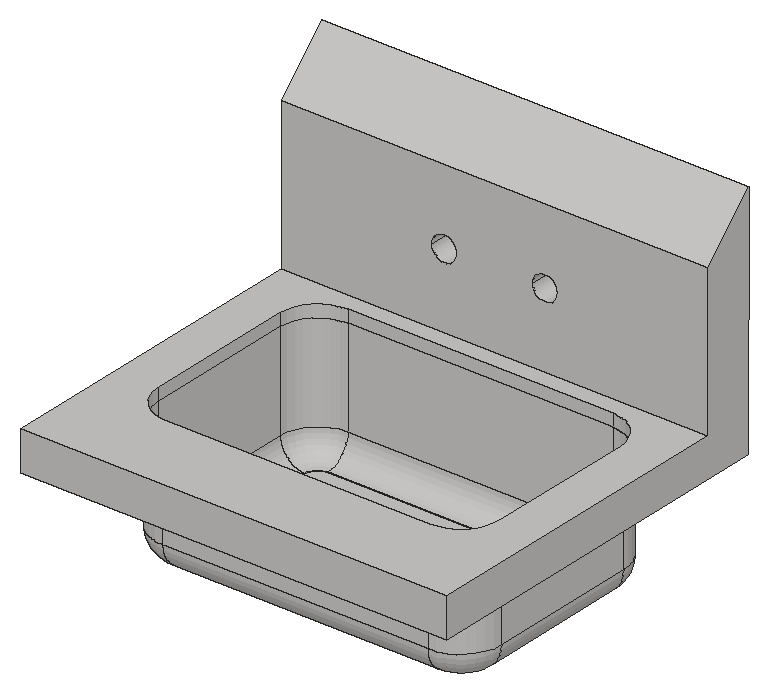
Revit family "QF_Vollrath_141-0", category Specialty Equipment, Revit 2016
Family settings
  Part Type = Normal
  Round Connector Dimension = Use Diameter
  OmniClass Number = 23.40.40.14.31
  OmniClass Title = Cleaning and Disposal Equipment
  Work Plane-Based = Yes
  Always vertical = Yes
  Cut with Voids When Loaded = No
  Shared = No
  Room Calculation Point = No
Parameters
  Width = 1' - 5"
  Weight in Pounds = 0
  Watermarked By = "http://revitwatermark.com"
  URL Cutsheet = ""
  Status [instance] = ""
  Specification by User [instance] = ""
  Specification by Manufacturer [instance] = ""
  Sink Width = 1' - 1 9/16"
  Sink Depth = 0' - 9 1/16"
  Sink Basin Depth = 0' - 5 1/2"
  Serial Number [instance] = ""
  Seismic Rating [instance] = ""
  SMACNA No [instance] = ""
  Revision Code [instance] = ""
  Plumbing Remarks [instance] = ""
  Plumbing Connection Type [instance] = ""
  NAFEM Spec ID Number [instance] = ""
  Model = "141-0"
  Masterspec [instance] = ""
  Manufacturer = "Vollrath"
  Item Number [instance] = "-"
  Installed By [instance] = ""
  Furnished By [instance] = ""
  Foodservice Equipment Identifier [instance] = yes
  Direct Waste Size = 2"
  Direct Waste RI Height [instance] = 0' - 0"
  Direct Waste Flow [instance] = 0.00 GPM
  Direct Waste Connection Height [instance] = 0' - 0"
  Description = "Wall-Mount Hand Sink"  # constant formula
  Depth = 1' - 3"
  Default Elevation = 4' - 0"
  CSI MasterFormat = ""
Reference planes (in)
  plane 1 "BACK": y = 0
  plane 2 "BOTTOM": z = 0
  plane 3 "LEFT": x = 0
  plane 4 "RIGHT": x = 17
  plane 5 "FRONT": y = -15
  plane 6: x = 8.5
  plane 7: y = -7.25
  plane 8: y = -2
  plane 9: y = -2.71875
  plane 10: y = -11.78125
  plane 11: x = 1.71875
  plane 12: x = 15.28125
  plane 13 "TOP": z = 8
  plane 14 "Sink Bottom": z = -5.5
  plane 15 "Bottom of Skirt": z = -1.5625
Forms (in)
  Extrusion 1, solid, material "QF_Finishes_Stainless Steel"
    sketch origin (0, 0, -5.5) x (0, 1, 0) y (0, 0, 1)
      loop
        line (0, 13.5) -> (-2, 11.5) -> (-2, 3.9375) -> (0, 3.9375) -> (0, 13.5)
    from 0 to 17
  Extrusion 2, solid, material "QF_Finishes_Stainless Steel"
    sketch origin (0, 0, 0) x (1, 0, 0) y (0, 1, 0)
      loop
        line (0, -2) -> (0, -15) -> (17, -15) -> (17, -2) -> (0, -2)
      loop
        arc (3.21875, -2.71875) -> (2.15809, -3.15809) -> (1.71875, -4.21875) r 1.5
        line (1.71875, -4.21875) -> (1.71875, -10.28125)
        arc (1.71875, -10.28125) -> (2.15809, -11.34191) -> (3.21875, -11.78125) r 1.5
        line (3.21875, -11.78125) -> (13.78125, -11.78125)
        arc (13.78125, -11.78125) -> (14.84191, -11.34191) -> (15.28125, -10.28125) r 1.5
        line (15.28125, -10.28125) -> (15.28125, -4.21875)
        arc (15.28125, -4.21875) -> (14.84191, -3.15809) -> (13.78125, -2.71875) r 1.5
        line (13.78125, -2.71875) -> (3.21875, -2.71875)
    from 0 to -0.5
  Extrusion 3, void
    sketch origin (0, 0, -5.5) x (1, 0, 0) y (0, 0, 1)
      loop
        circle (10.5, 8.5) r 0.5
      loop
        circle (6.5, 8.5) r 0.5
    from 0 to 2
  Sweep 4, solid, material "QF_Finishes_Stainless Steel"
    path origin (0, 0, 0) x (1, 0, 0) y (0, 1, 0)
      loop
        arc (3.21875, -2.71875) -> (2.15809, -3.15809) -> (1.71875, -4.21875) r 1.5
        line (1.71875, -4.21875) -> (1.71875, -10.28125)
        arc (1.71875, -10.28125) -> (2.15809, -11.34191) -> (3.21875, -11.78125) r 1.5
        line (3.21875, -11.78125) -> (13.78125, -11.78125)
        arc (13.78125, -11.78125) -> (14.84191, -11.34191) -> (15.28125, -10.28125) r 1.5
        line (15.28125, -10.28125) -> (15.28125, -4.21875)
        arc (15.28125, -4.21875) -> (14.84191, -3.15809) -> (13.78125, -2.71875) r 1.5
        line (13.78125, -2.71875) -> (3.21875, -2.71875)
    profile origin (8.5, -2.71875, 0) x (0, 1, 0) y (0, 0, 1)
      loop
        line (0, -0.5) -> (0, -4.375)
        arc (0, -4.375) -> (-0.29289, -5.08211) -> (-1, -5.375) r 1
        line (-1, -5.375) -> (-1, -5.5)
        arc (-1, -5.5) -> (-0.2045, -5.1705) -> (0.125, -4.375) r 1.125
        line (0.125, -4.375) -> (0.125, -0.5) -> (0, -0.5)
  Extrusion 5, solid, material "QF_Finishes_Stainless Steel"
    sketch origin (0, 0, -5.5) x (-1, 0, 0) y (0, -1, 0)
      loop
        line (-13.78125, 3.71875) -> (-3.21875, 3.71875)
        arc (-3.21875, 3.71875) -> (-2.8652, 3.8652) -> (-2.71875, 4.21875) r 0.5
        line (-2.71875, 4.21875) -> (-2.71875, 10.28125)
        arc (-2.71875, 10.28125) -> (-2.8652, 10.6348) -> (-3.21875, 10.78125) r 0.5
        line (-3.21875, 10.78125) -> (-13.78125, 10.78125)
        arc (-13.78125, 10.78125) -> (-14.1348, 10.6348) -> (-14.28125, 10.28125) r 0.5
        line (-14.28125, 10.28125) -> (-14.28125, 4.21875)
        arc (-14.28125, 4.21875) -> (-14.1348, 3.8652) -> (-13.78125, 3.71875) r 0.5
      loop
        circle (-8.5, 7.25) r 1
    from 0 to 0.125
  Extrusion 6, solid, material "QF_Finishes_Stainless Steel"
    sketch origin (0, 0, -1.5625) x (-1, 0, 0) y (0, -1, 0)
      loop
        line (0, 2) -> (0, 15) -> (-17, 15) -> (-17, 2) -> (-16.75, 2) -> (-16.75, 14.75) -> (-0.25, 14.75) -> (-0.25, 2) -> (0, 2)
    from 0 to 1.0625
Cuts and joins
  Extrusion 3 cuts Extrusion 1
  Extrusion 3 cuts Extrusion 2
  joined: Extrusion 1, Extrusion 2, Extrusion 6
Lines and regions (in)
  symbolic lines
    curve 1: line (0, 0, -1.5625) -> (17, 0, -1.5625)
    curve 2: line (0, -15, -1.5625) -> (0, 0, -1.5625)
    curve 3: line (17, -15, -1.5625) -> (0, -15, -1.5625)
    curve 4: line (17, 0, -1.5625) -> (17, -15, -1.5625)
  symbolic lines, style "QF_Surface Details"
    curve 5: circle (8.5, -7.25, -1.5625) r 1 normal (0, 0, -1)
    curve 6: line (0, -2, -1.5625) -> (17, -2, -1.5625)
    curve 7: line (13.78125, -2.71875, -1.5625) -> (3.21875, -2.71875, -1.5625)
    curve 8: arc (13.78125, -2.71875, -1.5625) -> (14.84191, -3.15809, -1.5625) -> (15.28125, -4.21875, -1.5625) r 1.5
    curve 9: line (15.28125, -10.28125, -1.5625) -> (15.28125, -4.21875, -1.5625)
    curve 10: arc (1.71875, -4.21875, -1.5625) -> (2.15809, -3.15809, -1.5625) -> (3.21875, -2.71875, -1.5625) r 1.5
    curve 11: line (1.71875, -4.21875, -1.5625) -> (1.71875, -10.28125, -1.5625)
    curve 12: arc (3.21875, -11.78125, -1.5625) -> (2.15809, -11.34191, -1.5625) -> (1.71875, -10.28125, -1.5625) r 1.5
    curve 13: line (3.21875, -11.78125, -1.5625) -> (13.78125, -11.78125, -1.5625)
    curve 14: arc (15.28125, -10.28125, -1.5625) -> (14.84191, -11.34191, -1.5625) -> (13.78125, -11.78125, -1.5625) r 1.5
Dimensions and locks (in)
  "Width": plane 3 "LEFT" to plane 4 "RIGHT"
  "Depth": plane 5 "FRONT" to plane 1 "BACK"
  locked: plane 8 to plane 1 "BACK" at 2
  equal spacing: plane 9, plane 7, plane 10
  "Sink Depth": plane 9 to plane 10
  equal spacing: plane 3 "LEFT", plane 6, plane 4 "RIGHT"
  equal spacing: plane 11, plane 6, plane 12
  "Sink Width": plane 11 to plane 12
  locked: plane 13 "TOP" to level at 8
  "Sink Basin Depth": level to plane 14 "Sink Bottom"
  locked: Extrusion 1 sketch curve to plane 13 "TOP" at 2
  locked: Extrusion 3 sketch curve to level at 3  (x2)
  locked: Extrusion 3 sketch curve to plane 6 at 2
  locked: plane 6 to Extrusion 3 sketch curve at 2
  locked: level to plane 15 "Bottom of Skirt" at 1.5625
  locked: level to Sweep 4 sketch curve at 0.5
  locked: Sweep 4 sketch curve to plane 9 at 0.125
  locked: plane 14 "Sink Bottom" to Sweep 4 sketch curve at 0.125
  plane 11 to plane 12 = 1' - 1 9/16"
  plane 9 to plane 10 = 0' - 9 1/16"
  locked: plane 3 "LEFT" to Extrusion 6 sketch curve at 0.25
  locked: plane 5 "FRONT" to Extrusion 6 sketch curve at 0.25
  locked: Extrusion 6 sketch curve to plane 4 "RIGHT" at 0.25
  locked: plane 8 to plane 9 at 0.71875
  aligned and locked: level to plane 2 "BOTTOM"
  aligned and locked: plane 4 "RIGHT" to Extrusion 1
  aligned: plane 9 to cut or joined group of Extrusion 1, Extrusion 2, Extrusion 3, Extrusion 6
  aligned and locked: Extrusion 3 to plane 8
  aligned and locked: plane 1 "BACK" to Extrusion 1 sketch curve
  aligned and locked: plane 8 to Extrusion 1 sketch curve
  aligned and locked: plane 3 "LEFT" to Extrusion 2 sketch curve
  aligned and locked: Extrusion 2 sketch curve to plane 8
  aligned and locked: Extrusion 2 sketch curve to plane 4 "RIGHT"
  aligned and locked: Extrusion 2 sketch curve to plane 5 "FRONT"
  aligned and locked: Extrusion 2 sketch curve to plane 9
  aligned and locked: plane 11 to Extrusion 2 sketch curve
  aligned and locked: plane 10 to Extrusion 2 sketch curve
  aligned and locked: Extrusion 2 sketch curve to plane 12
  aligned and locked: Sweep 4 sketch curve to plane 9
  aligned and locked: plane 11 to Sweep 4 sketch curve
  aligned and locked: plane 10 to Sweep 4 sketch curve
  aligned and locked: Sweep 4 sketch curve to plane 12
  aligned and locked: plane 9 to Sweep 4 sketch curve
  aligned and locked: plane 14 "Sink Bottom" to Sweep 4 sketch curve
  aligned and locked: Extrusion 5 sketch curve to Sweep 4  (x4)
  aligned and locked: plane 8 to Extrusion 6 sketch curve  (x2)
  aligned and locked: plane 4 "RIGHT" to Extrusion 6 sketch curve
  aligned and locked: plane 5 "FRONT" to Extrusion 6 sketch curve
  aligned and locked: Extrusion 6 sketch curve to plane 3 "LEFT"
  aligned and locked: Extrusion 1 sketch curve to plane 15 "Bottom of Skirt"
  aligned and locked: curve 1 to cut or joined group of Extrusion 1, Extrusion 2, Extrusion 3, Extrusion 6
  aligned and locked: curve 2 to cut or joined group of Extrusion 1, Extrusion 2, Extrusion 3, Extrusion 6
  aligned and locked: curve 3 to cut or joined group of Extrusion 1, Extrusion 2, Extrusion 3, Extrusion 6
  aligned and locked: curve 4 to cut or joined group of Extrusion 1, Extrusion 2, Extrusion 3, Extrusion 6
Automatic sketch dimensions
  Extrusion 1 sketch curve to Extrusion 1 sketch curve = 0' - 2"
  plane 11 to Extrusion 2 sketch curve = 0' - 1 1/2"  (x2)
  plane 10 to Extrusion 2 sketch curve = 0' - 1 1/2"
  Extrusion 2 sketch curve to plane 12 = 0' - 1 1/2"
  plane 11 to Sweep 4 sketch curve = 0' - 1 1/2"  (x2)
  Sweep 4 sketch curve to plane 12 = 0' - 1 1/2"
  Sweep 4 sketch curve to plane 9 = 0' - 1 1/2"
  Sweep 4 sketch curve to Sweep 4 sketch curve = 0' - 1"
  Extrusion 5 sketch curve to plane 7 = 0' - 0"
  Extrusion 5 sketch curve to Extrusion 5 sketch curve = 0' - 0 1/2"  (x4)
  plane 6 to Extrusion 5 sketch curve = 0' - 0"
  curve 5 to plane 6 = 0' - 0"
  curve 6 to plane 8 = 0' - 0"
  curve 5 to plane 7 = 0' - 0"
  curve 8 to plane 12 = 0' - 0"
  curve 8 to plane 9 = 0' - 0"
  curve 8 to plane 12 = 0' - 1 1/2"
  plane 11 to curve 7 = 0' - 1 1/2"
  curve 10 to plane 11 = 0' - 0"
  plane 10 to curve 11 = 0' - 1 1/2"
  curve 12 to plane 10 = 0' - 0"
  curve 13 to plane 12 = 0' - 1 1/2"
  radius of Extrusion 3 sketch curve = 0' - 0 1/2"  (x2)
  radius of Extrusion 5 sketch curve = 0' - 1"
  radius of curve 5 = 0' - 1"
Connectors (in)
  piping at (8.5, -7.25, -5.5), diameter 2, driven by "Direct Waste Flow"
    settings: on Extrusion 5, index 1, connector inside diameter 2", connector length 0' - 0", flow factor 0, pipe flow 0.00 GPM, pressure drop 0.00 psi, fitting loss kfactor 0, connector angle 0.00°, fixture units 0, engagement length 0' - 0", angle of deflection 0.00°, flow configuration 1, flow direction 2, fitting loss method 0, system type 16, joint type 0, gender type 0, connector reference index -1, connector utility 0, adjustable connector no, is connector primary yes, connector description "DW"
